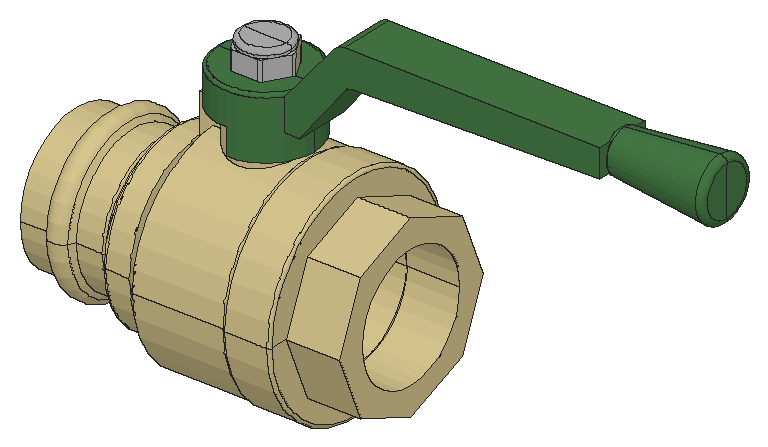
Revit family "QA12140000", category Apparecchi idraulici, Revit 2016
Family settings
  Tipo di parte = Normale
  Quota connettore circolare = Usa diametro
  Numero OmniClass = 23.45.00.00
  Titolo OmniClass = Sanitary, Laundry, and Cleaning Equipment
  Basato su piano di lavoro = No
  Sempre verticale = Sì
  Taglio con vuoti quando caricato = No
  Condiviso = No
  Punto di calcolo locali = No
Parameters
  URL = "https://web.cimberio.it/index.php/figura/1489?subcategoria_id=102"
  Produttore = "CIMBERIO SPA"
  Modello = "Cim 1221CRNLFE"
  DN Model [instance] = QA12145106 : QA12145106
  DN [instance] = 40 mm
Reference planes
  plane 1 "Centro (Fronte/Retro)": y = 0
  plane 2: z = 0
  plane 3 "Centro (Sinistra/Destra)": x = 0
Dimensions and locks
  aligned and locked: level to plane 2
Nested families
  nested 1: "QA12145106" at (0, 0, 0), type <- "DN Model", type "QA12145106"
    with DN 10 mm
  nested 2: "QA12145106" at (0, 0, 0), type <- "DN Model", type "QA12145106"
    with DN 10 mm
  nested 3: "QA12145106" at (0, 0, 0), type <- "DN Model", type "QA12145106"
    with DN 10 mm
  nested 4: "QA12145106" at (0, 0, 0), type <- "DN Model", type "QA12145106"
    with DN 10 mm
  nested 5: "QA12145106" at (0, 0, 0), type <- "DN Model", type "QA12145106"
    with DN 10 mm
  nested 6: "QA12145106" at (0, 0, 0), type <- "DN Model", type "QA12145106"
    with DN 10 mm
  nested 7: "QA12145106" at (0, 0, 0), type <- "DN Model", type "QA12145106"
    with DN 10 mm
  nested 8: "QA12145106" at (0, 0, 0), type <- "DN Model", type "QA12145106"
    with DN 10 mm
  nested 9: "QA12145106" at (0, 0, 0), type <- "DN Model", type "QA12145106"
    with DN 10 mm
Connectors
  piping at (47.25, 0, 0), diameter 40, driven by "DN"
    settings: on nested 1, index 1, connector inside diameter 609.6 mm, connector length 0 mm, flow factor 0, pipe flow 0.0 L/s, pressure drop 0.0 Pa, fitting loss kfactor 0, connector angle 0.00°, fixture units 0, engagement length 0 mm, angle of deflection 0.00°, flow configuration 0, flow direction 0, fitting loss method 0, system type 7, joint type 0, gender type 0, connector reference index -1, connector utility 0, adjustable connector no, is connector primary yes, connector description ""
  piping at (-61.251, 0, 0), diameter 40, driven by "DN"
    settings: on nested 1, index 2, connector inside diameter 609.6 mm, connector length 0 mm, flow factor 0, pipe flow 0.0 L/s, pressure drop 0.0 Pa, fitting loss kfactor 0, connector angle 0.00°, fixture units 0, engagement length 0 mm, angle of deflection 0.00°, flow configuration 0, flow direction 0, fitting loss method 0, system type 7, joint type 0, gender type 0, connector reference index -1, connector utility 0, adjustable connector no, is connector primary no, connector description ""
Definition of nested family "QA12145106"
  Parameters (values of type "QA12145106")
    DN [instance] = 10 mm  # constant formula
  Reference planes
    plane 1 "Centro (Fronte/Retro)": y = 0
    plane 2: z = 0
    plane 3 "Centro (Sinistra/Destra)": x = 0
  Forms (mm)
    Revolve 1, solid
      sketch origin (0, 0, 0) x (1, 0, 0) y (0, 1, 0)
        loop
          line (-61.244, 20) -> (29.75, 20) -> (29.75, 34.499)
          arc (29.75, 34.499) -> (29.457, 35.207) -> (28.749, 35.5) r 1.001
          line (28.749, 35.5) -> (15.25, 35.5)
          arc (15.25, 35.5) -> (14.562, 34.983) -> (13.722, 34.8) r 2.019
          line (13.722, 34.8) -> (-15.45, 34.8) -> (-21.25, 29) -> (-28.75, 29)
          arc (-28.75, 29) -> (-29.457, 28.707) -> (-29.75, 28) r 1
          line (-29.75, 28) -> (-29.75, 25.6)
          arc (-29.75, 25.6) -> (-30.336, 24.186) -> (-31.75, 23.6) r 2
          line (-31.75, 23.6) -> (-33.25, 23.6)
          arc (-33.25, 23.6) -> (-33.972, 23.302) -> (-34.747, 23.2) r 3
          line (-34.747, 23.2) -> (-43.247, 23.2) -> (-44.286, 25)
          arc (-44.286, 25) -> (-47.75, 27) -> (-51.214, 25) r 4
          line (-51.214, 25) -> (-52.253, 23.2) -> (-61.251, 23.2) -> (-61.244, 20)
        axis (-61.251, 0) -> (29.75, 0)
      angle from 0 to 360
    Revolve 2, solid
      sketch origin (0, 0, 0) x (1, 0, 0) y (0, 0, 1)
        loop
          line (0.056, 47.8) -> (-10, 47.8) -> (-10, 43) -> (-11.388, 43) -> (-11.388, 31.761) -> (0.056, 31.761) -> (0.056, 47.8)
        axis (0.056, 31.761) -> (0.056, 47.8)
      angle from 0 to 360
    Extrusion 3, solid
      sketch origin (0, 0, 0) x (1, 0, 0) y (0, 0, 1)
        loop
          line (-11.388, 43) -> (-20, 43) -> (-20, 28.911) -> (-11.388, 28.911) -> (-11.388, 43)
      from -1.6 to 1.7
    Revolve 4, solid
      sketch origin (0, 0, 0) x (1, 0, 0) y (0, 0, 1)
        loop
          line (0, 54.3) -> (-9.25, 54.3) -> (-9.25, 51.8) -> (0, 51.8) -> (0, 54.3)
        axis (0, 54.3) -> (0, 51.8)
      angle from 0 to 360
    Revolve 5, solid
      sketch origin (0, 0, 1.509) x (1, 0, 0) y (0, 0, 1)
        loop
          line (0, 64.3) -> (0, 62) -> (8.25, 62) -> (8.25, 62.8)
          arc (8.25, 62.8) -> (7.811, 63.861) -> (6.75, 64.3) r 1.5
          line (6.75, 64.3) -> (0, 64.3)
        axis (0, 64.3) -> (0, 62)
      angle from 0 to 360
    Extrusion 6, solid
      sketch origin (0, 0, 30.059) x (1, 0, 0) y (0, 1, 0)
        loop
          line (9.352, 0.6) -> (5.198, 7.795)
          arc (5.198, 7.795) -> (4.756, 8.237) -> (4.152, 8.399) r 1.208
          line (4.152, 8.399) -> (-4.173, 8.399)
          arc (-4.173, 8.399) -> (-4.759, 8.242) -> (-5.187, 7.814) r 1.171
          line (-5.187, 7.814) -> (-9.362, 0.583)
          arc (-9.362, 0.583) -> (-9.518, 0) -> (-9.362, -0.583) r 1.165
          line (-9.362, -0.583) -> (-5.187, -7.813)
          arc (-5.187, -7.813) -> (-4.759, -8.242) -> (-4.173, -8.399) r 1.171
          line (-4.173, -8.399) -> (4.165, -8.399)
          arc (4.165, -8.399) -> (4.757, -8.24) -> (5.191, -7.806) r 1.185
          line (5.191, -7.806) -> (9.352, -0.6)
          arc (9.352, -0.6) -> (9.513, 0) -> (9.352, 0.6) r 1.2
      from 25.75 to 33.45
    Revolve 7, solid
      sketch origin (0, 0, 0) x (1, 0, 0) y (0, 0, 1)
        loop
          arc (-15, 57.309) -> (-15.707, 57.016) -> (-16, 56.309) r 1
          line (-16, 56.309) -> (-16, 37.309) -> (0, 37.309) -> (0, 57.309) -> (-15, 57.309)
        axis (0, 57.309) -> (0, 37.309)
      angle from 0 to 360
    Extrusion 8, solid
      sketch origin (0, 0, 0) x (1, 0, 0) y (0, 0, 1)
        loop
          line (11.993, 54.658) -> (11.993, 45.809) -> (18.275, 45.809) -> (33.421, 65.358)
          arc (33.421, 65.358) -> (34.098, 65.917) -> (34.949, 66.133) r 2
          line (34.949, 66.133) -> (116, 68.309) -> (116, 77.309) -> (32.865, 77.309)
          arc (32.865, 77.309) -> (31.175, 76.935) -> (29.801, 75.88) r 4
          line (29.801, 75.88) -> (11.993, 54.658)
      from -8.992 to 9.008
    Revolve 9, solid
      sketch origin (0, 0, 0) x (1, 0, 0) y (0, 0, 1)
        loop
          line (115.492, 79.233) -> (113.362, 77.102) -> (113.362, 72.809) -> (150, 72.809) -> (150, 80.819)
          arc (150, 80.819) -> (149.345, 82.299) -> (147.808, 82.809) r 2
          line (147.808, 82.809) -> (116.715, 79.809)
          arc (116.715, 79.809) -> (116.053, 79.627) -> (115.492, 79.233) r 2
        axis (113.362, 72.809) -> (150, 72.809)
      angle from 0 to 360
    Extrusion 10, void
      sketch origin (0, 0, 28.55) x (1, 0, 0) y (0, 1, 0)
        loop
          line (-10.868, -1.7) -> (-16.923, -1.7)
          arc (-16.923, -1.7) -> (-11.41, -12.613) -> (0, -17.008) r 17.008
          line (0, -17.008) -> (0, -11)
          arc (0, -11) -> (-7.152, -8.358) -> (-10.868, -1.7) r 11
      from 7.714 to 17.259
    Extrusion 11, solid
      sketch origin (0, 0, 0) x (0, 1, 0) y (0, 0, 1)
        loop
          circle (0, 0) r 20
        loop
          line (0, 29) -> (-20.506, 20.506) -> (-29, 0) -> (-20.506, -20.506) -> (0, -29) -> (20.506, -20.506) -> (29, 0) -> (20.506, 20.506) -> (0, 29)
      from 29.75 to 47.25
  Cuts and joins
    Extrusion 10 cuts Revolve 1
    Extrusion 10 cuts Extrusion 3
    Extrusion 10 cuts Revolve 7
  Dimensions and locks
    aligned and locked: level to plane 2
